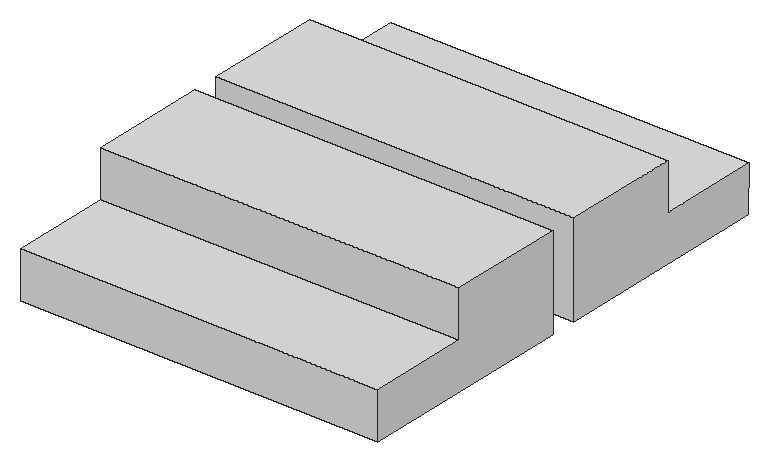
Revit family "Датчик магнитоконтактный МК04", category Датчики, Revit 2019
Family settings
  Сохранять ориентацию аннотаций = Нет
  Размер круглого соединителя = Использовать диаметр
  Тип детали = Нормальный
  Номер OmniClass = 23.85.50.17
  Заголовок OmniClass = Communication and Data Processing Equipment
  На основе рабочей плоскости = Нет
  Всегда вертикально = Да
  При загрузке вырезать с полостями = Нет
  Общий = Нет
  Точка расчета площади = Нет
Parameters (values of type "МК04")
  Цвет = Пластик белый
  Смещение УГО по горизонтали [instance] = if((2000 mm - Сдвиг УГО по горизонтали) < 0 mm, 0 mm, 2000 mm - Сдвиг УГО по горизонтали)  # 2000 mm
  Смещение УГО по вертикали [instance] = if((2000 mm - Сдвиг УГО по вертикали) < 0 mm, 0 mm, 2000 mm - Сдвиг УГО по вертикали)  # 2000 mm
  Сдвиг УГО по горизонтали [instance] = 0 mm
  Сдвиг УГО по вертикали [instance] = 0 mm
  Описание = "Корпус из пластика"
  Изготовитель = [ADSK_Завод-изготовитель]  # "НПП «МАГНИТО-КОНТАКТ»"
  URL = "https://m-kontakt.ru/produkt/datch_dlya_magn_konstr/estet"
  ADSK_Наименование = "Датчик магнитоконтактный МК04"
  ADSK_Масса = 0.025
  ADSK_Код изделия = "00-00005745"
  ADSK_Завод-изготовитель = "НПП «МАГНИТО-КОНТАКТ»"  # constant formula
  ADSK_Единица измерения = "шт."  # constant formula
Reference planes
  plane 1 "По центру (Вперед/Назад)": y = 0
  plane 2: z = 0
  plane 3 "По центру (Влево/Вправо)": x = 0
  plane 4: x = 0
  plane 5: x = 2000
  plane 6: y = 2000
  plane 7: y = 0
  plane 8: x = 0
Forms (mm)
  Extrusion 1, solid, material "Пластик белый", detail levels medium+fine
    sketch origin (0, 0.143, -2) x (0, 1, 0) y (0, 0, 1)
      loop
        line (0.857, 0) -> (14.857, 0) -> (14.857, 3) -> (8.357, 3) -> (8.357, 6) -> (0.857, 6) -> (0.857, 0)
    from -11.5 to 11.5
  Extrusion 2, solid, material "Пластик белый", detail levels medium+fine
    sketch origin (0, 0.143, -2) x (0, -1, 0) y (0, 0, -1)
      loop
        line (0.857, 0) -> (0.857, -6) -> (8.357, -6) -> (8.357, -3) -> (14.857, -3) -> (14.857, 0) -> (0.857, 0)
    from -11.5 to 11.5
Dimensions and locks
  plane 1 "По центру (Вперед/Назад)" to nested 1 = 0 mm
  locked: plane 3 "По центру (Влево/Вправо)" to plane 5 at 2000
  "Смещение УГО по горизонтали": plane 8 to plane 5
  "Смещение УГО по вертикали": plane 6 to plane 7
  locked: plane 1 "По центру (Вперед/Назад)" to plane 6 at 2000
  aligned and locked: nested 1 to plane 8
  aligned and locked: nested 1 to plane 7
Automatic sketch dimensions
  level to Extrusion 1 sketch curve = 4 mm
  Extrusion 1 sketch curve to plane 1 "По центру (Вперед/Назад)" = 1 mm
  Extrusion 1 sketch curve to Extrusion 1 sketch curve = 7.5 mm
  level to Extrusion 1 sketch curve = 1 mm
  Extrusion 1 sketch curve to Extrusion 1 sketch curve = 6.5 mm
  Extrusion 1 sketch curve to level = 2 mm
  level to Extrusion 2 sketch curve = 4 mm
  plane 1 "По центру (Вперед/Назад)" to Extrusion 2 sketch curve = 0.714 mm
  Extrusion 2 sketch curve to Extrusion 2 sketch curve = 7.5 mm
  level to Extrusion 2 sketch curve = 1 mm
  Extrusion 2 sketch curve to Extrusion 2 sketch curve = 6.5 mm
  Extrusion 2 sketch curve to level = 2 mm
Nested families
  nested 1: "УГО_извещатель" at (0, 0, 0), type "УГО_извещатель", detail levels coarse
Connectors
  electrical at (0, 0, 0)
    settings: index 1, voltage 0 V, apparent load 0 VA, apparent load phase1 0 VA, apparent load phase2 0 VA, apparent load phase3 0 VA, power factor 1, load classification "Прочее", number of poles 1, system type 31, power factor state 1, is connector primary yes, connector utility no, sub classification motor no, connector description ""
Definition of nested family "УГО_извещатель"
  Reference planes
    plane 1: y = 0
    plane 2: x = 0
  Lines and regions (mm)
    Filled region 1, type "Цветовая область 1"
      outline origin (0, 0, 0) x (1, 0, 0) y (0, 1, 0)
        loop
          line (-2.5, 2.5) -> (-2.5, 0.9) -> (2.5, 0.9) -> (2.5, 2.5) -> (-2.5, 2.5)
    Filled region 2, type "Цветовая область 1"
      outline origin (0, 0, 0) x (1, 0, 0) y (0, 1, 0)
        loop
          line (-2.5, -0.9) -> (-2.5, -2.5) -> (2.5, -2.5) -> (2.5, -0.9) -> (-2.5, -0.9)
    detail lines
      curve 1: line (-2.5, 2.5, 0) -> (2.5, 2.5, 0)
      curve 2: line (-2.5, -2.5, 0) -> (-2.5, 2.5, 0)
      curve 3: line (2.5, -2.5, 0) -> (-2.5, -2.5, 0)
      curve 4: line (2.5, 2.5, 0) -> (2.5, -2.5, 0)
      curve 5: line (-2.5, 0.9, 0) -> (2.5, 0.9, 0)
      curve 6: line (-2.5, -0.9, 0) -> (2.5, -0.9, 0)
